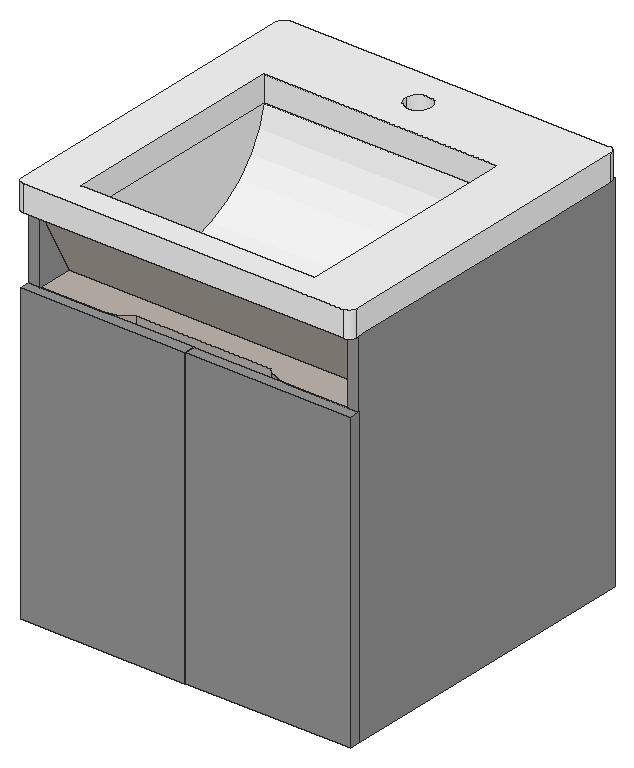
Revit family "135216851_Mueble Pontus Vital 45 cm con Lavamanos", category Furniture, Revit 2019
Family settings
  OmniClass Number = 23.31.13.11
  OmniClass Title = Single Sinks
  Work Plane-Based = No
  Always vertical = Yes
  Cut with Voids When Loaded = No
  Shared = No
  Room Calculation Point = No
Parameters
  URL = "https://corona.co/productos/muebles-para-banos/mueble-pontus-vital/p/135216851"
  Resistencia al rayado = "700 ciclos"  # constant formula
  Resistencia a la humedad = "8%."  # constant formula
  Peso Neto aprox = "21,2 lb (9,6 kg)."  # constant formula
  Peso Bruto aprox = "22,5 lb (10,2 kg)."  # constant formula
  Model = "Pontus Vital 45"  # constant formula
  Material = Corona_Madera_Coñac
  Manufacturer = "Corona"  # constant formula
  Longitud = 450 mm
  Garantía Herraje = "1 Años"  # constant formula
  Garantía = "5 Años  (Madera)"  # constant formula
  Fecha de creación = "30/07/2020"  # constant formula
  Description = "Línea de Muebles Pontus Vital diseño compacto que se adapta a la gran mayoría de\r\nespacios disponibles.\r\n· Diseño de apertura cómodo.\r\n· Máxima capacidad de almacenamiento.\r\n· Lavamanos 100% en porcelana con superficie amplia de apoyo.\r\n· Resistentes a la humedad."  # constant formula
  Creado por = "IDD"  # constant formula
  Ancho = 450 mm
  Alto = 764 mm
  Acabado = Corona_Plastico_Taupe
Reference planes
  plane 1 "Center (Front/Back)": y = 0
  plane 2: z = 0
  plane 3 "Center (Left/Right)": x = 0
  plane 4 "Center L/S": x = 225
  plane 5 "Center L/T": x = -225
  plane 6 "Center L/U": y = -450
  plane 7 "Center L/V": x = -210
  plane 8 "Center L/W": x = 210
  plane 9 "Center L/Z": y = -435
  plane 10 "Center L/BB": y = -15
  plane 11 "Center L/CC": y = -225
  plane 12: z = 764
  plane 13: z = 279
  plane 14: z = 749
  plane 15: z = 264
  plane 16: z = 524
  plane 17: z = 424
  plane 18: z = 668
  plane 19 "Center L/DD": x = 1
  plane 20 "Center L/EE": x = -1
  plane 21: z = 653
Forms (mm)
  Extrusion 1, solid, not visible
    sketch origin (0, 0, -26) x (1, 0, 0) y (0, 0, 1)
      loop
        circle (-87.767, 550) r 10
    from 0 to 1
  Extrusion 2, solid, not visible
    sketch origin (0, 0, -26) x (-1, 0, 0) y (0, 0, -1)
      loop
        circle (-123.767, -550) r 10
    from 0 to 1
  Extrusion 3, solid, not visible
    sketch origin (-87.767, 0, -126) x (-1, 0, 0) y (0, 0, -1)
      loop
        circle (-87.767, -550) r 10
    from 0 to 1
  Extrusion 4, solid, material "Corona_Madera_Coñac" <- "Material", detail levels medium+fine
    sketch origin (0, 0, 0) x (1, 0, 0) y (0, 1, 0)
      loop
        line (-225, 0) -> (-225, -435) -> (-210, -435) -> (-210, 0) -> (-225, 0)
    from 264 to 764
  Extrusion 5, solid, material "Corona_Madera_Coñac" <- "Material", detail levels medium+fine
    sketch origin (0, 0, 0) x (-1, 0, 0) y (0, -1, 0)
      loop
        line (-225, 0) -> (-210, 0) -> (-210, 435) -> (-225, 435) -> (-225, 0)
    from 264 to 764
  Extrusion 6, solid, material "Corona_Madera_Coñac" <- "Material", detail levels medium+fine
    sketch origin (0, 0, 0) x (1, 0, 0) y (0, 1, 0)
      loop
        line (-210, 0) -> (-210, -15) -> (210, -15) -> (210, 0) -> (-210, 0)
    from 264 to 764
  Extrusion 7, solid, material "Corona_Madera_Coñac" <- "Material", detail levels medium+fine
    sketch origin (0, -265, 0) x (1, 0, 0) y (0, 0, 1)
      loop
        line (-225, 264) -> (-1, 264) -> (-1, 668) -> (-225, 668) -> (-225, 264)
      loop
        line (1, 668) -> (1, 264) -> (225, 264) -> (225, 668) -> (1, 668)
    from 170 to 185
  Extrusion 8, solid, material "Corona_Madera_Coñac" <- "Material", detail levels medium+fine
    sketch origin (0, 0, 0) x (1, 0, 0) y (0, 1, 0)
      loop
        line (-210, -15) -> (-210, -435) -> (210, -435) -> (210, -15) -> (-210, -15)
    from 264 to 279
  Extrusion 9, solid, material "Corona_Plastico_Taupe" <- "Acabado", detail levels medium+fine
    sketch origin (0, 0, 0) x (1, 0, 0) y (0, 1, 0)
      loop
        line (-210, -435) -> (-123.026, -435)
        arc (-123.026, -435) -> (-105.878, -430.24) -> (-91.569, -419.657) r 48.897
        line (-91.569, -419.657) -> (91.569, -419.657)
        arc (91.569, -419.657) -> (105.878, -430.24) -> (123.026, -435) r 48.897
        line (123.026, -435) -> (210, -435) -> (210, -360) -> (-210, -360) -> (-210, -435)
    from 653 to 668
  Extrusion 10, solid, material "Corona_Plastico_Taupe" <- "Acabado", detail levels medium+fine
    sketch origin (0, 0, 0) x (0, 1, 0) y (0, 0, 1)
      loop
        line (-380.072, 668) -> (-431.116, 764) -> (-437.22, 764) -> (-386.176, 668) -> (-380.072, 668)
    from -210 to 210
  Extrusion 11, solid, material "Corona_Madera_Coñac" <- "Material", detail levels coarse
    sketch origin (0, 0, 0) x (1, 0, 0) y (0, 1, 0)
      loop
        line (-225, 0) -> (-225, -450) -> (225, -450) -> (225, 0) -> (-225, 0)
    from 264 to 764
  Extrusion 12, solid, material "Corona_Porcelana_Sanitaria_Blanco", detail levels coarse
    sketch origin (0, 0, 0) x (1, 0, 0) y (0, 1, 0)
      loop
        line (-225, 0) -> (-225, -450) -> (225, -450) -> (225, 0) -> (-225, 0)
    from 764 to 799
Dimensions and locks
  equal spacing: plane 5 "Center L/T", plane 3 "Center (Left/Right)", plane 4 "Center L/S"
  "Ancho": plane 5 "Center L/T" to plane 4 "Center L/S"
  "Longitud": plane 6 "Center L/U" to plane 1 "Center (Front/Back)"
  plane 14 to plane 13 = 470 mm
  plane 12 to plane 15 = 500 mm
  locked: plane 13 to plane 15 at 15
  locked: plane 12 to plane 14 at 15
  plane 18 to plane 15 = 404 mm
  "Alto": plane 12 to level
  locked: plane 7 "Center L/V" to plane 5 "Center L/T" at 15
  locked: plane 4 "Center L/S" to plane 8 "Center L/W" at 15
  aligned and locked: level to plane 2
  aligned and locked: Extrusion 4 sketch curve to plane 7 "Center L/V"
  aligned and locked: Extrusion 4 sketch curve to plane 9 "Center L/Z"
  aligned and locked: plane 5 "Center L/T" to Extrusion 4 sketch curve
  aligned and locked: plane 1 "Center (Front/Back)" to Extrusion 4 sketch curve
  aligned and locked: plane 9 "Center L/Z" to Extrusion 5
  aligned and locked: plane 4 "Center L/S" to Extrusion 5
  aligned and locked: Extrusion 5 to plane 8 "Center L/W"
  aligned and locked: Extrusion 5 to plane 1 "Center (Front/Back)"
  aligned and locked: Extrusion 6 sketch curve to plane 8 "Center L/W"
  aligned and locked: plane 1 "Center (Front/Back)" to Extrusion 6 sketch curve
  aligned and locked: Extrusion 6 sketch curve to plane 10 "Center L/BB"
  aligned and locked: plane 7 "Center L/V" to Extrusion 6 sketch curve
  aligned and locked: plane 12 to Extrusion 6
  aligned and locked: Extrusion 6 to plane 15
  aligned and locked: plane 12 to Extrusion 5
  aligned and locked: Extrusion 5 to plane 15
  aligned and locked: plane 12 to Extrusion 4
  aligned and locked: Extrusion 4 to plane 15
  aligned and locked: plane 6 "Center L/U" to Extrusion 7
  aligned and locked: Extrusion 7 to plane 9 "Center L/Z"
  aligned and locked: Extrusion 8 sketch curve to plane 8 "Center L/W"
  aligned and locked: plane 10 "Center L/BB" to Extrusion 8 sketch curve
  aligned and locked: plane 7 "Center L/V" to Extrusion 8 sketch curve
  aligned and locked: Extrusion 8 sketch curve to plane 9 "Center L/Z"
  aligned and locked: plane 13 to Extrusion 8
  aligned and locked: Extrusion 8 to plane 15
  aligned and locked: plane 8 "Center L/W" to Extrusion 9 sketch curve
  aligned and locked: Extrusion 9 sketch curve to plane 7 "Center L/V"
  aligned and locked: plane 9 "Center L/Z" to Extrusion 9 sketch curve
  aligned and locked: plane 18 to Extrusion 9
  aligned and locked: plane 8 "Center L/W" to Extrusion 10
  aligned and locked: Extrusion 10 to plane 7 "Center L/V"
  aligned and locked: nested 1 to plane 12
  aligned and locked: plane 1 "Center (Front/Back)" to nested 1
  aligned and locked: Extrusion 9 to plane 21
  aligned and locked: Extrusion 11 sketch curve to plane 6 "Center L/U"
  aligned and locked: plane 5 "Center L/T" to Extrusion 11 sketch curve
  aligned and locked: plane 1 "Center (Front/Back)" to Extrusion 11 sketch curve
  aligned and locked: Extrusion 11 sketch curve to plane 4 "Center L/S"
  aligned and locked: plane 12 to Extrusion 11
  aligned and locked: Extrusion 11 to plane 15
  aligned and locked: nested 1 to Extrusion 12
  aligned and locked: Extrusion 12 to plane 12
  aligned and locked: plane 3 "Center (Left/Right)" to nested 2
  aligned and locked: plane 1 "Center (Front/Back)" to nested 2
  aligned and locked: plane 3 "Center (Left/Right)" to nested 3
  aligned and locked: nested 3 to plane 12
  aligned and locked: nested 4 to plane 11 "Center L/CC"
  aligned and locked: nested 4 to plane 12
Automatic sketch dimensions
  Extrusion 1 sketch curve to plane 16 = 0 mm
  Extrusion 1 sketch curve to plane 20 "Center L/EE" = 86.767 mm
  Extrusion 3 sketch curve to plane 3 "Center (Left/Right)" = 0 mm
  Extrusion 3 sketch curve to plane 17 = 0 mm
  Extrusion 2 sketch curve to plane 16 = 0 mm
  plane 8 "Center L/W" to Extrusion 2 sketch curve = 86.233 mm
  Extrusion 5 sketch curve to plane 4 "Center L/S" = 0 mm
  Extrusion 5 sketch curve to plane 8 "Center L/W" = 0 mm
  plane 9 "Center L/Z" to Extrusion 5 sketch curve = 0 mm
  plane 1 "Center (Front/Back)" to Extrusion 5 sketch curve = 0 mm
  Extrusion 7 sketch curve to plane 5 "Center L/T" = 0 mm
  Extrusion 7 sketch curve to plane 18 = 0 mm  (x2)
  Extrusion 7 sketch curve to plane 20 "Center L/EE" = 0 mm
  Extrusion 7 sketch curve to plane 19 "Center L/DD" = 0 mm
  Extrusion 7 sketch curve to plane 4 "Center L/S" = 0 mm
  Extrusion 7 sketch curve to plane 15 = 0 mm  (x2)
  plane 9 "Center L/Z" to Extrusion 9 sketch curve = 0 mm
  Extrusion 9 sketch curve to plane 9 "Center L/Z" = 48.709 mm  (x2)
  Extrusion 9 sketch curve to plane 20 "Center L/EE" = 126.313 mm
  Extrusion 9 sketch curve to Extrusion 9 sketch curve = 4.286 mm
  Extrusion 9 sketch curve to plane 9 "Center L/Z" = 15.343 mm
  plane 19 "Center L/DD" to Extrusion 9 sketch curve = 90.569 mm
  Extrusion 9 sketch curve to Extrusion 9 sketch curve = 31.458 mm
  Extrusion 9 sketch curve to plane 9 "Center L/Z" = 75 mm
  Extrusion 10 sketch curve to plane 12 = 0 mm
  Extrusion 10 sketch curve to plane 18 = 0 mm
  Extrusion 10 sketch curve to plane 9 "Center L/Z" = 48.824 mm
  Extrusion 10 sketch curve to Extrusion 10 sketch curve = 6.104 mm
  Extrusion 10 sketch curve to plane 9 "Center L/Z" = 3.884 mm
  plane 9 "Center L/Z" to Extrusion 10 sketch curve = 2.22 mm
  Extrusion 12 sketch curve to plane 5 "Center L/T" = 0 mm
  Extrusion 12 sketch curve to plane 4 "Center L/S" = 0 mm
  plane 6 "Center L/U" to Extrusion 12 sketch curve = 0 mm
  plane 1 "Center (Front/Back)" to Extrusion 12 sketch curve = 0 mm
  radius of Extrusion 1 sketch curve = 10 mm
  radius of Extrusion 3 sketch curve = 10 mm
  radius of Extrusion 2 sketch curve = 10 mm
Nested families
  nested 1: "Lavamanos pontus 60" at (173, 0, 799), type "Lavamanos pontus 60", detail levels medium+fine
  nested 2: "Planta3" at (0, 0, 0), type "Planta3"
  nested 3: "Front3" at (0, 0, 764) x (1, 0, 0) z (0, -1, 0), type "Front3"
  nested 4: "Rigth3" at (0, -225, 764) x (0, 1, 0) z (1, 0, 0), type "Rigth3"
Connectors
  piping at (123.767, 0, 524), diameter 12.7
    settings: on Extrusion 2, index 5, connector inside diameter 609.6 mm, connector length 0 mm, flow factor 0, pipe flow 0.0 L/s, pressure drop 0.0 Pa, fitting loss kfactor 0, connector angle 0.00°, fixture units 0, engagement length 0 mm, angle of deflection 0.00°, flow configuration 0, flow direction 0, fitting loss method 0, system type 20, joint type 0, gender type 0, connector reference index -1, connector utility 0, adjustable connector no, is connector primary yes, connector description ""
  piping at (-87.767, 0, 524), diameter 12.7
    settings: on Extrusion 1, index 6, connector inside diameter 609.6 mm, connector length 0 mm, flow factor 0, pipe flow 0.0 L/s, pressure drop 0.0 Pa, fitting loss kfactor 0, connector angle 0.00°, fixture units 0, engagement length 0 mm, angle of deflection 0.00°, flow configuration 0, flow direction 0, fitting loss method 0, system type 19, joint type 0, gender type 0, connector reference index -1, connector utility 0, adjustable connector no, is connector primary no, connector description ""
  piping at (0, 0, 424), diameter 38.1
    settings: on Extrusion 3, index 7, connector inside diameter 609.6 mm, connector length 0 mm, flow factor 0, pipe flow 0.0 L/s, pressure drop 0.0 Pa, fitting loss kfactor 0, connector angle 0.00°, fixture units 0, engagement length 0 mm, angle of deflection 0.00°, flow configuration 0, flow direction 0, fitting loss method 0, system type 16, joint type 0, gender type 0, connector reference index -1, connector utility 0, adjustable connector no, is connector primary no, connector description ""
Definition of nested family "Lavamanos pontus 60"
  Parameters (values of type "Lavamanos pontus 60")
    Material = none
    Longitud = 453 mm
    Ancho = 456 mm
  Reference planes
    plane 1 "Center (Front/Back)": y = 0
    plane 2: z = 0
    plane 3 "Center L/T": x = -401
    plane 4 "Center L/U": y = -453
    plane 5: z = -35
    plane 6: z = -165
    plane 7 "Center L/V": x = -341
    plane 8 "Center L/W": x = -22
    plane 9 "Center L/X": y = -418
    plane 10 "Center L/Y": y = -106
    plane 11 "Center L/S": x = 55
    plane 12 "Center L/Z": x = -173
  Forms (mm)
    Extrusion 1, solid, material <- "Material"
      sketch origin (0, 0, 0) x (1, 0, 0) y (0, 1, 0)
        loop
          arc (-391, 0) -> (-398.071, -2.929) -> (-401, -10) r 10
          line (-401, -10) -> (-401, -443)
          arc (-401, -443) -> (-398.071, -450.071) -> (-391, -453) r 10
          line (-391, -453) -> (45, -453)
          arc (45, -453) -> (52.071, -450.071) -> (55, -443) r 10
          line (55, -443) -> (55, -10)
          arc (55, -10) -> (52.071, -2.929) -> (45, 0) r 10
          line (45, 0) -> (-391, 0)
        loop
          line (-341, -106) -> (-341, -418) -> (-22, -418) -> (-22, -106) -> (-341, -106)
      from 0 to -35
    Extrusion 2, solid, material <- "Material"
      sketch origin (0, 0, 0) x (1, 0, 0) y (0, 1, 0)
        loop
          line (-1, -428) -> (-1, -96) -> (-356, -96) -> (-356, -428) -> (-1, -428)
      from -35 to -165
    Extrusion 3, void
      sketch origin (0, 0, 0) x (0, 1, 0) y (0, 0, 1)
        loop
          arc (-300.939, -157.11) -> (-379.852, -113.866) -> (-423.183, -35) r 160.826
          line (-423.183, -35) -> (-433.439, -35) -> (-433.439, -180) -> (-300.939, -180) -> (-300.939, -157.11)
        loop
          line (-223.061, -165) -> (-223.061, -180) -> (-90.561, -180) -> (-90.561, -35) -> (-100.85, -35)
          arc (-100.85, -35) -> (-143.89, -114.365) -> (-222.911, -158.034) r 160.826
          line (-222.911, -158.034) -> (-222.911, -165)
      from -401 to 55
    Extrusion 4, void
      sketch origin (0, 0, 0) x (0, 1, 0) y (0, 0, 1)
        loop
          line (-299.38, -153.903) -> (-224.62, -153.903) -> (-224.62, -149.131)
          arc (-224.62, -149.131) -> (-147.771, -110.385) -> (-106.249, -35) r 145.528
          line (-106.249, -35) -> (-417.082, -35)
          arc (-417.082, -35) -> (-375.804, -110.15) -> (-299.38, -149.016) r 145.528
          line (-299.38, -149.016) -> (-299.38, -153.903)
      from -341 to -22
    Extrusion 5, void
      sketch origin (0, 0, 0) x (1, 0, 0) y (0, 1, 0)
        loop
          circle (-173, -262.353) r 38.1
      from -185.771 to -135.263
    Extrusion 6, void
      sketch origin (0, 210, 0) x (1, 0, 0) y (0, 1, 0)
        loop
          circle (-173, -262.353) r 17.5
      from -41.473 to 12.864
  Cuts and joins
    Extrusion 3, Extrusion 4, Extrusion 6 cuts Extrusion 1
    Extrusion 3, Extrusion 4, Extrusion 5, Extrusion 6 cuts Extrusion 2
  Dimensions and locks
    "Ancho": plane 3 "Center L/T" to plane 11 "Center L/S"
    "Longitud": plane 4 "Center L/U" to plane 1 "Center (Front/Back)"
    plane 2 to plane 6 = 165 mm
    level to plane 5 = 35 mm
    plane 7 "Center L/V" to plane 8 "Center L/W" = 319 mm
    locked: plane 3 "Center L/T" to plane 7 "Center L/V" at 60
    plane 9 "Center L/X" to plane 10 "Center L/Y" = 312 mm
    locked: plane 4 "Center L/U" to plane 9 "Center L/X" at 35
    equal spacing: plane 3 "Center L/T", plane 12 "Center L/Z", plane 11 "Center L/S"
    aligned and locked: level to plane 2
    aligned and locked: Extrusion 1 sketch curve to plane 4 "Center L/U"
    aligned and locked: plane 3 "Center L/T" to Extrusion 1 sketch curve
    aligned and locked: plane 1 "Center (Front/Back)" to Extrusion 1 sketch curve
    aligned and locked: Extrusion 1 sketch curve to plane 8 "Center L/W"
    aligned and locked: plane 10 "Center L/Y" to Extrusion 1 sketch curve
    aligned and locked: plane 7 "Center L/V" to Extrusion 1 sketch curve
    aligned and locked: Extrusion 1 sketch curve to plane 9 "Center L/X"
    aligned and locked: Extrusion 2 to plane 6
    aligned and locked: Extrusion 1 sketch curve to plane 11 "Center L/S"
    aligned and locked: Extrusion 4 to Extrusion 1
    aligned and locked: Extrusion 4 to cut or joined group of Extrusion 2, Extrusion 3, Extrusion 4, Extrusion 5, Extrusion 6
    aligned and locked: plane 12 "Center L/Z" to nested 1
  Automatic sketch dimensions
    plane 3 "Center L/T" to Extrusion 1 sketch curve = 10 mm  (x2)
    Extrusion 1 sketch curve to plane 11 "Center L/S" = 10 mm  (x2)
    Extrusion 2 sketch curve to plane 7 "Center L/V" = 15 mm
    plane 9 "Center L/X" to Extrusion 2 sketch curve = 10 mm
    plane 8 "Center L/W" to Extrusion 2 sketch curve = 21 mm
    Extrusion 2 sketch curve to plane 10 "Center L/Y" = 10 mm
    Extrusion 3 sketch curve to plane 5 = 0 mm  (x2)
    Extrusion 3 sketch curve to plane 6 = 0 mm  (x2)
    plane 9 "Center L/X" to Extrusion 3 sketch curve = 15.439 mm
    plane 9 "Center L/X" to Extrusion 3 sketch curve = 5.183 mm
    Extrusion 3 sketch curve to plane 6 = 15 mm  (x2)
    Extrusion 3 sketch curve to plane 9 "Center L/X" = 117.061 mm
    Extrusion 3 sketch curve to level = 0.082 mm
    Extrusion 3 sketch curve to plane 9 "Center L/X" = 151.806 mm
    Extrusion 3 sketch curve to level = 1.096 mm
    Extrusion 3 sketch curve to Extrusion 3 sketch curve = 8.132 mm
    Extrusion 3 sketch curve to Extrusion 3 sketch curve = 77.878 mm
    Extrusion 3 sketch curve to Extrusion 3 sketch curve = 0.15 mm
    Extrusion 3 sketch curve to plane 10 "Center L/Y" = 5.15 mm
    Extrusion 3 sketch curve to plane 10 "Center L/Y" = 15.439 mm
    Extrusion 4 sketch curve to plane 5 = 0 mm
    Extrusion 4 sketch curve to plane 9 "Center L/X" = 0.918 mm
    plane 6 to Extrusion 4 sketch curve = 11.097 mm
    Extrusion 4 sketch curve to plane 9 "Center L/X" = 118.62 mm
    Extrusion 4 sketch curve to level = 5.622 mm  (x2)
    Extrusion 4 sketch curve to plane 9 "Center L/X" = 143.45 mm
    Extrusion 4 sketch curve to Extrusion 4 sketch curve = 25.769 mm
    plane 6 to Extrusion 4 sketch curve = 15.869 mm
    Extrusion 4 sketch curve to Extrusion 4 sketch curve = 74.76 mm
    Extrusion 5 sketch curve to plane 12 "Center L/Z" = 0 mm
    Extrusion 5 sketch curve to plane 9 "Center L/X" = 155.647 mm
    Extrusion 6 sketch curve to plane 12 "Center L/Z" = 0 mm
    plane 1 "Center (Front/Back)" to Extrusion 6 sketch curve = 52.353 mm
    radius of Extrusion 5 sketch curve = 38.1 mm
    radius of Extrusion 6 sketch curve = 17.5 mm
  Nested families
    nested 1: "Canastilla" at (-173, -263.802, -179.217), type "Canastilla"
  Definition of nested family "Canastilla"
    Parameters (values of type "Canastilla")
      Material = none
    Reference planes
      plane 1 "Center (Front/Back)": y = 0
      plane 2: z = 0
      plane 3 "Center (Left/Right)": x = 0
    Forms (mm)
      Revolve 1, solid, material <- "Material"
        sketch origin (0, 0, 0) x (1, 0, 0) y (0, 0, 1)
          loop
            line (-26.595, 26.918) -> (-38.5, 26.918) -> (-38.5, 25.314) -> (-36.628, 25.314) -> (-36.628, 24.512) -> (-33.153, 24.512) -> (-33.153, 21.838) -> (-30.977, 15.519) -> (-28.87, 15.147) -> (-28.87, 11.939) -> (-27.713, 11.27) -> (-27.713, 9.934) -> (-26.865, 9.934) -> (-26.865, 7.388) -> (-17.652, 3.286) -> (-16.315, 3.286) -> (-15.184, 0) -> (0, 0) -> (0, 21.204) -> (-5.81, 21.204)
            arc (-5.81, 21.204) -> (-6.163, 21.058) -> (-6.31, 20.704) r 0.5
            line (-6.31, 20.704) -> (-6.31, 19.645)
            arc (-6.31, 19.645) -> (-6.163, 19.292) -> (-5.81, 19.145) r 0.5
            line (-5.81, 19.145) -> (-3.119, 19.145) -> (-3.119, 18.241) -> (-4.218, 18.241) -> (-4.821, 14.686) -> (-19.481, 14.686)
            arc (-19.481, 14.686) -> (-20.699, 15.099) -> (-21.413, 16.168) r 2
            line (-21.413, 16.168) -> (-23.698, 24.695)
            arc (-23.698, 24.695) -> (-24.769, 26.298) -> (-26.595, 26.918) r 3
          axis (0, 26.918) -> (0, 0)
        angle from 0 to 360
    Dimensions and locks
      aligned and locked: level to plane 2
      aligned and locked: Revolve 1 sketch curve to plane 3 "Center (Left/Right)"
      aligned and locked: Revolve 1 sketch curve to plane 2
Definition of nested family "Planta3"
  Parameters (values of type "Planta3")
    Longitud = 450 mm
    Ancho = 450 mm
  Reference planes
    plane 1 "Center (Front/Back)": y = 0
    plane 2: z = 0
    plane 3 "Center (Left/Right)": x = 0
    plane 4 "Center (F/C": x = 225
    plane 5 "Center (F/D": x = -225
    plane 6 "Center (F/E": y = -450
  Lines and regions (mm)
    detail lines, in view "Ref. Level"
      curve 1: line (-215, 0, 0) -> (215, 0, 0)
      curve 2: line (-225, -440, 0) -> (-225, -10, 0)
      curve 3: line (215, -450, 0) -> (-215, -450, 0)
      curve 4: line (225, -10, 0) -> (225, -440, 0)
      curve 5: arc (-225, -10, 0) -> (-222.071, -2.929, 0) -> (-215, 0, 0) r 10
      curve 6: arc (215, 0, 0) -> (222.071, -2.929, 0) -> (225, -10, 0) r 10
      curve 7: arc (225, -440, 0) -> (222.071, -447.071, 0) -> (215, -450, 0) r 10
      curve 8: arc (-215, -450, 0) -> (-222.071, -447.071, 0) -> (-225, -440, 0) r 10
      curve 9: line (-159.375, -101.85, 0) -> (-159.375, -424.183, 0)
      curve 10: line (159.375, -101.85, 0) -> (-159.375, -101.85, 0)
      curve 11: line (159.375, -424.183, 0) -> (159.375, -101.85, 0)
      curve 12: line (-159.375, -424.183, 0) -> (159.375, -424.183, 0)
      curve 13: line (-134.375, -101.85, 0) -> (-134.375, -131.85, 0)
      curve 14: line (-134.375, -424.183, 0) -> (-134.375, -394.183, 0)
      curve 15: arc (-134.375, -131.85, 0) -> (-122.017, -263.017, 0) -> (-134.375, -394.183, 0) r 702.248
      curve 16: line (134.375, -101.85, 0) -> (134.375, -131.85, 0)
      curve 17: line (134.375, -424.183, 0) -> (134.375, -394.183, 0)
      curve 18: arc (134.375, -131.85, 0) -> (122.017, -263.017, 0) -> (134.375, -394.183, 0) r 702.248
      curve 19: circle (0, -263.017, 0) r 21.75 normal (0, 0, 1)
      curve 20: circle (0, -48.017, 0) r 17.5 normal (0, 0, 1)
  Dimensions and locks
    equal spacing: plane 5 "Center (F/D", plane 3 "Center (Left/Right)", plane 4 "Center (F/C"
    "Ancho": plane 5 "Center (F/D" to plane 4 "Center (F/C"
    "Longitud": plane 6 "Center (F/E" to plane 1 "Center (Front/Back)"
    aligned and locked: curve 4 to plane 4 "Center (F/C"
    aligned and locked: curve 3 to plane 6 "Center (F/E"
    aligned and locked: plane 5 "Center (F/D" to curve 2
    aligned and locked: plane 1 "Center (Front/Back)" to curve 1
  Automatic sketch dimensions
    curve 8 to curve 8 = 10 mm
    plane 1 "Center (Front/Back)" to curve 5 = 10 mm
    curve 1 to plane 4 "Center (F/C" = 10 mm
    curve 7 to plane 4 "Center (F/C" = 10 mm
    plane 5 "Center (F/D" to curve 14 = 90.625 mm
    plane 5 "Center (F/D" to curve 13 = 90.625 mm
    curve 9 to curve 14 = 25 mm
    curve 15 to plane 6 "Center (F/E" = 186.983 mm
    curve 15 to curve 9 = 664.89 mm
    curve 19 to plane 3 "Center (Left/Right)" = 0 mm
    curve 20 to plane 3 "Center (Left/Right)" = 0 mm
    plane 3 "Center (Left/Right)" to curve 17 = 134.375 mm
    plane 3 "Center (Left/Right)" to curve 16 = 134.375 mm
    curve 17 to curve 11 = 25 mm
    curve 18 to plane 6 "Center (F/E" = 186.983 mm
    plane 4 "Center (F/C" to curve 18 = 599.265 mm
    curve 9 to curve 14 = 30 mm
    curve 12 to curve 17 = 30 mm
    curve 19 to plane 6 "Center (F/E" = 186.983 mm
    curve 15 to curve 10 = 30 mm
    plane 1 "Center (Front/Back)" to curve 20 = 48.017 mm
    curve 8 to curve 14 = 15.817 mm
    radius of curve 19 = 21.75 mm
    radius of curve 20 = 17.5 mm
Definition of nested family "Front3"
  Parameters (values of type "Front3")
    Longitud = 500 mm
    Ancho = 450 mm
  Reference planes
    plane 1 "Center (Front/Back)": y = 0
    plane 2: z = 0
    plane 3 "Center (Left/Right)": x = 0
    plane 4 "Center (F/C": x = 225
    plane 5 "Center (F/D": x = -225
    plane 6 "Center (F/E": y = -500
    plane 7 "Center (F/H": y = -96
    plane 8 "Center (F/I": y = 35
  Lines and regions (mm)
    detail lines, in view "Ref. Level"
      curve 1: line (-225, 0, 0) -> (225, 0, 0)
      curve 2: line (-225, -500, 0) -> (-225, 0, 0)
      curve 3: line (225, -500, 0) -> (-225, -500, 0)
      curve 4: line (225, 0, 0) -> (225, -500, 0)
      curve 5: line (-225, -96, 0) -> (225, -96, 0)
      curve 6: line (-210, 0, 0) -> (-210, -96, 0)
      curve 7: line (210, 0, 0) -> (210, -96, 0)
      curve 8: line (-225, 0, 0) -> (-225, 35, 0)
      curve 9: line (-225, 35, 0) -> (225, 35, 0)
      curve 10: line (225, 35, 0) -> (225, 0, 0)
  Dimensions and locks
    equal spacing: plane 5 "Center (F/D", plane 3 "Center (Left/Right)", plane 4 "Center (F/C"
    "Ancho": plane 5 "Center (F/D" to plane 4 "Center (F/C"
    "Longitud": plane 6 "Center (F/E" to plane 1 "Center (Front/Back)"
    aligned and locked: curve 4 to plane 4 "Center (F/C"
    aligned and locked: curve 3 to plane 6 "Center (F/E"
    aligned and locked: plane 5 "Center (F/D" to curve 2
    aligned and locked: plane 1 "Center (Front/Back)" to curve 1
  Automatic sketch dimensions
    plane 7 "Center (F/H" to curve 6 = 0 mm
    plane 8 "Center (F/I" to curve 10 = 0 mm
    plane 5 "Center (F/D" to curve 6 = 15 mm
    curve 7 to curve 10 = 15 mm
Definition of nested family "Rigth3"
  Parameters (values of type "Rigth3")
    Longitud = 500 mm
    Ancho = 450 mm
  Reference planes
    plane 1 "Center (Front/Back)": y = 0
    plane 2: z = 0
    plane 3 "Center (Left/Right)": x = 0
    plane 4 "Center (F/C": x = 225
    plane 5 "Center (F/D": x = -225
    plane 6 "Center (F/E": y = -500
    plane 7 "Center (F/I": y = 35
  Lines and regions (mm)
    detail lines, in view "Ref. Level"
      curve 1: line (-225, 0, 0) -> (225, 0, 0)
      curve 2: line (-225, -500, 0) -> (-225, -96, 0)
      curve 3: line (225, -500, 0) -> (-225, -500, 0)
      curve 4: line (225, 0, 0) -> (225, -500, 0)
      curve 5: line (-225, -96, 0) -> (-210, -96, 0)
      curve 6: line (-210, -96, 0) -> (-210, -500, 0)
      curve 7: line (-210, -96, 0) -> (-210, 0, 0)
      curve 8: line (-225, 0, 0) -> (-225, 35, 0)
      curve 9: line (-225, 35, 0) -> (225, 35, 0)
      curve 10: line (225, 35, 0) -> (225, 0, 0)
  Dimensions and locks
    equal spacing: plane 5 "Center (F/D", plane 3 "Center (Left/Right)", plane 4 "Center (F/C"
    "Ancho": plane 5 "Center (F/D" to plane 4 "Center (F/C"
    "Longitud": plane 6 "Center (F/E" to plane 1 "Center (Front/Back)"
    aligned and locked: curve 4 to plane 4 "Center (F/C"
    aligned and locked: curve 3 to plane 6 "Center (F/E"
    aligned and locked: plane 5 "Center (F/D" to curve 2
    aligned and locked: plane 1 "Center (Front/Back)" to curve 1
  Automatic sketch dimensions
    curve 8 to plane 5 "Center (F/D" = 0 mm
    plane 7 "Center (F/I" to curve 10 = 0 mm
    curve 5 to curve 7 = 0 mm
    plane 1 "Center (Front/Back)" to curve 2 = 96 mm
    curve 8 to curve 7 = 15 mm
